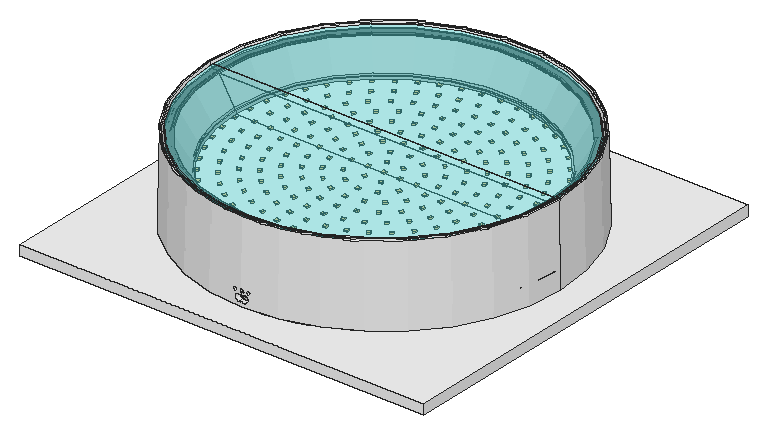
Revit family "BE_24649_de_DE", category Leuchten, Revit 2020 (continued)
Definition of nested family "BE_24649"
  Automatic sketch dimensions
    Extrusion 112 sketch curve to Extrusion 112 sketch curve = 2.8 mm
    Extrusion 112 sketch curve to Extrusion 112 sketch curve = 3.2 mm
    Extrusion 113 sketch curve to Extrusion 113 sketch curve = 2.8 mm
    Extrusion 113 sketch curve to Extrusion 113 sketch curve = 3.2 mm
    Extrusion 114 sketch curve to Extrusion 114 sketch curve = 2.8 mm
    Extrusion 114 sketch curve to Extrusion 114 sketch curve = 3.2 mm
    Extrusion 115 sketch curve to Extrusion 115 sketch curve = 2.8 mm
    Extrusion 115 sketch curve to Extrusion 115 sketch curve = 3.2 mm
    Extrusion 116 sketch curve to Extrusion 116 sketch curve = 2.8 mm
    Extrusion 116 sketch curve to Extrusion 116 sketch curve = 3.2 mm
    Extrusion 117 sketch curve to Extrusion 117 sketch curve = 2.8 mm
    Extrusion 117 sketch curve to Extrusion 117 sketch curve = 3.2 mm
    Extrusion 118 sketch curve to Extrusion 118 sketch curve = 2.8 mm
    Extrusion 118 sketch curve to Extrusion 118 sketch curve = 3.2 mm
    Extrusion 119 sketch curve to Extrusion 119 sketch curve = 2.8 mm
    Extrusion 119 sketch curve to Extrusion 119 sketch curve = 3.2 mm
    Extrusion 120 sketch curve to Extrusion 120 sketch curve = 2.8 mm
    Extrusion 120 sketch curve to Extrusion 120 sketch curve = 3.2 mm
    Extrusion 121 sketch curve to Extrusion 121 sketch curve = 2.8 mm
    Extrusion 121 sketch curve to Extrusion 121 sketch curve = 3.2 mm
    Extrusion 122 sketch curve to Extrusion 122 sketch curve = 2.8 mm
    Extrusion 122 sketch curve to Extrusion 122 sketch curve = 3.2 mm
    Extrusion 123 sketch curve to Extrusion 123 sketch curve = 2.8 mm
    Extrusion 123 sketch curve to Extrusion 123 sketch curve = 3.2 mm
    Extrusion 124 sketch curve to Extrusion 124 sketch curve = 2.8 mm
    Extrusion 124 sketch curve to Extrusion 124 sketch curve = 3.2 mm
    Extrusion 125 sketch curve to Extrusion 125 sketch curve = 2.8 mm
    Extrusion 125 sketch curve to Extrusion 125 sketch curve = 3.2 mm
    Extrusion 126 sketch curve to Extrusion 126 sketch curve = 2.8 mm
    Extrusion 126 sketch curve to Extrusion 126 sketch curve = 3.2 mm
    Extrusion 127 sketch curve to Extrusion 127 sketch curve = 2.8 mm
    Extrusion 127 sketch curve to Extrusion 127 sketch curve = 3.2 mm
    Extrusion 128 sketch curve to Extrusion 128 sketch curve = 2.8 mm
    Extrusion 128 sketch curve to Extrusion 128 sketch curve = 3.2 mm
    Extrusion 129 sketch curve to Extrusion 129 sketch curve = 2.8 mm
    Extrusion 129 sketch curve to Extrusion 129 sketch curve = 3.2 mm
    Extrusion 130 sketch curve to Extrusion 130 sketch curve = 2.8 mm
    Extrusion 130 sketch curve to Extrusion 130 sketch curve = 3.2 mm
    Extrusion 131 sketch curve to Extrusion 131 sketch curve = 2.8 mm
    Extrusion 131 sketch curve to Extrusion 131 sketch curve = 3.2 mm
    Extrusion 132 sketch curve to Extrusion 132 sketch curve = 2.8 mm
    Extrusion 132 sketch curve to Extrusion 132 sketch curve = 3.2 mm
    Extrusion 133 sketch curve to Extrusion 133 sketch curve = 2.8 mm
    Extrusion 133 sketch curve to Extrusion 133 sketch curve = 3.2 mm
    Extrusion 134 sketch curve to Extrusion 134 sketch curve = 2.8 mm
    Extrusion 134 sketch curve to Extrusion 134 sketch curve = 3.2 mm
    Extrusion 135 sketch curve to Extrusion 135 sketch curve = 2.8 mm
    Extrusion 135 sketch curve to Extrusion 135 sketch curve = 3.2 mm
    Extrusion 136 sketch curve to Extrusion 136 sketch curve = 2.8 mm
    Extrusion 136 sketch curve to Extrusion 136 sketch curve = 3.2 mm
    Extrusion 137 sketch curve to Extrusion 137 sketch curve = 2.8 mm
    Extrusion 137 sketch curve to Extrusion 137 sketch curve = 3.2 mm
    Extrusion 138 sketch curve to Extrusion 138 sketch curve = 2.8 mm
    Extrusion 138 sketch curve to Extrusion 138 sketch curve = 3.2 mm
    Extrusion 139 sketch curve to Extrusion 139 sketch curve = 2.8 mm
    Extrusion 139 sketch curve to Extrusion 139 sketch curve = 3.2 mm
    Extrusion 140 sketch curve to Extrusion 140 sketch curve = 2.8 mm
    Extrusion 140 sketch curve to Extrusion 140 sketch curve = 3.2 mm
    Extrusion 141 sketch curve to Extrusion 141 sketch curve = 2.8 mm
    Extrusion 141 sketch curve to Extrusion 141 sketch curve = 3.2 mm
    Extrusion 142 sketch curve to Extrusion 142 sketch curve = 2.8 mm
    Extrusion 142 sketch curve to Extrusion 142 sketch curve = 3.2 mm
    Extrusion 143 sketch curve to Extrusion 143 sketch curve = 2.8 mm
    Extrusion 143 sketch curve to Extrusion 143 sketch curve = 3.2 mm
    Extrusion 144 sketch curve to Extrusion 144 sketch curve = 2.8 mm
    Extrusion 144 sketch curve to Extrusion 144 sketch curve = 3.2 mm
    Extrusion 145 sketch curve to Extrusion 145 sketch curve = 2.8 mm
    Extrusion 145 sketch curve to Extrusion 145 sketch curve = 3.2 mm
    Extrusion 146 sketch curve to Extrusion 146 sketch curve = 2.8 mm
    Extrusion 146 sketch curve to Extrusion 146 sketch curve = 3.2 mm
    Extrusion 147 sketch curve to Extrusion 147 sketch curve = 2.8 mm
    Extrusion 147 sketch curve to Extrusion 147 sketch curve = 3.2 mm
    Extrusion 148 sketch curve to Extrusion 148 sketch curve = 2.8 mm
    Extrusion 148 sketch curve to Extrusion 148 sketch curve = 3.2 mm
    Extrusion 149 sketch curve to Extrusion 149 sketch curve = 2.8 mm
    Extrusion 149 sketch curve to Extrusion 149 sketch curve = 3.2 mm
    Extrusion 150 sketch curve to Extrusion 150 sketch curve = 2.8 mm
    Extrusion 150 sketch curve to Extrusion 150 sketch curve = 3.2 mm
    Extrusion 151 sketch curve to Extrusion 151 sketch curve = 2.8 mm
    Extrusion 151 sketch curve to Extrusion 151 sketch curve = 3.2 mm
    Extrusion 152 sketch curve to Extrusion 152 sketch curve = 2.8 mm
    Extrusion 152 sketch curve to Extrusion 152 sketch curve = 3.2 mm
    Extrusion 153 sketch curve to Extrusion 153 sketch curve = 2.8 mm
    Extrusion 153 sketch curve to Extrusion 153 sketch curve = 3.2 mm
    Extrusion 154 sketch curve to Extrusion 154 sketch curve = 2.8 mm
    Extrusion 154 sketch curve to Extrusion 154 sketch curve = 3.2 mm
    Extrusion 155 sketch curve to Extrusion 155 sketch curve = 2.8 mm
    Extrusion 155 sketch curve to Extrusion 155 sketch curve = 3.2 mm
    Extrusion 156 sketch curve to Extrusion 156 sketch curve = 2.8 mm
    Extrusion 156 sketch curve to Extrusion 156 sketch curve = 3.2 mm
    Extrusion 157 sketch curve to Extrusion 157 sketch curve = 2.8 mm
    Extrusion 157 sketch curve to Extrusion 157 sketch curve = 3.2 mm
    Extrusion 158 sketch curve to Extrusion 158 sketch curve = 2.8 mm
    Extrusion 158 sketch curve to Extrusion 158 sketch curve = 3.2 mm
    Extrusion 159 sketch curve to Extrusion 159 sketch curve = 2.8 mm
    Extrusion 159 sketch curve to Extrusion 159 sketch curve = 3.2 mm
    Extrusion 160 sketch curve to Extrusion 160 sketch curve = 2.8 mm
    Extrusion 160 sketch curve to Extrusion 160 sketch curve = 3.2 mm
    Extrusion 161 sketch curve to Extrusion 161 sketch curve = 2.8 mm
    Extrusion 161 sketch curve to Extrusion 161 sketch curve = 3.2 mm
    Extrusion 162 sketch curve to Extrusion 162 sketch curve = 2.8 mm
    Extrusion 162 sketch curve to Extrusion 162 sketch curve = 3.2 mm
    Extrusion 163 sketch curve to Extrusion 163 sketch curve = 2.8 mm
    Extrusion 163 sketch curve to Extrusion 163 sketch curve = 3.2 mm
    Extrusion 164 sketch curve to Extrusion 164 sketch curve = 2.8 mm
    Extrusion 164 sketch curve to Extrusion 164 sketch curve = 3.2 mm
    Extrusion 165 sketch curve to Extrusion 165 sketch curve = 2.8 mm
    Extrusion 165 sketch curve to Extrusion 165 sketch curve = 3.2 mm
    Extrusion 166 sketch curve to Extrusion 166 sketch curve = 2.8 mm
    Extrusion 166 sketch curve to Extrusion 166 sketch curve = 3.2 mm
    Extrusion 167 sketch curve to Extrusion 167 sketch curve = 2.8 mm
    Extrusion 167 sketch curve to Extrusion 167 sketch curve = 3.2 mm
    Extrusion 168 sketch curve to Extrusion 168 sketch curve = 2.8 mm
    Extrusion 168 sketch curve to Extrusion 168 sketch curve = 3.2 mm
    Extrusion 169 sketch curve to Extrusion 169 sketch curve = 2.8 mm
    Extrusion 169 sketch curve to Extrusion 169 sketch curve = 3.2 mm
    Extrusion 170 sketch curve to Extrusion 170 sketch curve = 2.8 mm
    Extrusion 170 sketch curve to Extrusion 170 sketch curve = 3.2 mm
    Extrusion 171 sketch curve to Extrusion 171 sketch curve = 2.8 mm
    Extrusion 171 sketch curve to Extrusion 171 sketch curve = 3.2 mm
    Extrusion 172 sketch curve to Extrusion 172 sketch curve = 2.8 mm
    Extrusion 172 sketch curve to Extrusion 172 sketch curve = 3.2 mm
    Extrusion 173 sketch curve to Extrusion 173 sketch curve = 2.8 mm
    Extrusion 173 sketch curve to Extrusion 173 sketch curve = 3.2 mm
    Extrusion 174 sketch curve to Extrusion 174 sketch curve = 2.8 mm
    Extrusion 174 sketch curve to Extrusion 174 sketch curve = 3.2 mm
    Extrusion 175 sketch curve to Extrusion 175 sketch curve = 2.8 mm
    Extrusion 175 sketch curve to Extrusion 175 sketch curve = 3.2 mm
    Extrusion 176 sketch curve to Extrusion 176 sketch curve = 2.8 mm
    Extrusion 176 sketch curve to Extrusion 176 sketch curve = 3.2 mm
    Extrusion 177 sketch curve to Extrusion 177 sketch curve = 2.8 mm
    Extrusion 177 sketch curve to Extrusion 177 sketch curve = 3.2 mm
    Extrusion 178 sketch curve to Extrusion 178 sketch curve = 2.8 mm
    Extrusion 178 sketch curve to Extrusion 178 sketch curve = 3.2 mm
    Extrusion 179 sketch curve to Extrusion 179 sketch curve = 2.8 mm
    Extrusion 179 sketch curve to Extrusion 179 sketch curve = 3.2 mm
    Extrusion 180 sketch curve to Extrusion 180 sketch curve = 2.8 mm
    Extrusion 180 sketch curve to Extrusion 180 sketch curve = 3.2 mm
    Extrusion 181 sketch curve to Extrusion 181 sketch curve = 2.8 mm
    Extrusion 181 sketch curve to Extrusion 181 sketch curve = 3.2 mm
    Extrusion 182 sketch curve to Extrusion 182 sketch curve = 2.8 mm
    Extrusion 182 sketch curve to Extrusion 182 sketch curve = 3.2 mm
    Extrusion 183 sketch curve to Extrusion 183 sketch curve = 2.8 mm
    Extrusion 183 sketch curve to Extrusion 183 sketch curve = 3.2 mm
    Extrusion 184 sketch curve to Extrusion 184 sketch curve = 2.8 mm
    Extrusion 184 sketch curve to Extrusion 184 sketch curve = 3.2 mm
    Extrusion 185 sketch curve to Extrusion 185 sketch curve = 2.8 mm
    Extrusion 185 sketch curve to Extrusion 185 sketch curve = 3.2 mm
    Extrusion 186 sketch curve to Extrusion 186 sketch curve = 2.8 mm
    Extrusion 186 sketch curve to Extrusion 186 sketch curve = 3.2 mm
    Extrusion 187 sketch curve to Extrusion 187 sketch curve = 2.8 mm
    Extrusion 187 sketch curve to Extrusion 187 sketch curve = 3.2 mm
    Extrusion 188 sketch curve to Extrusion 188 sketch curve = 2.8 mm
    Extrusion 188 sketch curve to Extrusion 188 sketch curve = 3.2 mm
    Extrusion 189 sketch curve to Extrusion 189 sketch curve = 2.8 mm
    Extrusion 189 sketch curve to Extrusion 189 sketch curve = 3.2 mm
    Extrusion 190 sketch curve to Extrusion 190 sketch curve = 2.8 mm
    Extrusion 190 sketch curve to Extrusion 190 sketch curve = 3.2 mm
    Extrusion 191 sketch curve to Extrusion 191 sketch curve = 2.8 mm
    Extrusion 191 sketch curve to Extrusion 191 sketch curve = 3.2 mm
    Extrusion 192 sketch curve to Extrusion 192 sketch curve = 2.8 mm
    Extrusion 192 sketch curve to Extrusion 192 sketch curve = 3.2 mm
    Extrusion 193 sketch curve to Extrusion 193 sketch curve = 2.8 mm
    Extrusion 193 sketch curve to Extrusion 193 sketch curve = 3.2 mm
    Extrusion 194 sketch curve to Extrusion 194 sketch curve = 2.8 mm
    Extrusion 194 sketch curve to Extrusion 194 sketch curve = 3.2 mm
    Extrusion 195 sketch curve to Extrusion 195 sketch curve = 2.8 mm
    Extrusion 195 sketch curve to Extrusion 195 sketch curve = 3.2 mm
    Extrusion 196 sketch curve to Extrusion 196 sketch curve = 2.8 mm
    Extrusion 196 sketch curve to Extrusion 196 sketch curve = 3.2 mm
    Extrusion 197 sketch curve to Extrusion 197 sketch curve = 2.8 mm
    Extrusion 197 sketch curve to Extrusion 197 sketch curve = 3.2 mm
    Extrusion 198 sketch curve to Extrusion 198 sketch curve = 2.8 mm
    Extrusion 198 sketch curve to Extrusion 198 sketch curve = 3.2 mm
    Extrusion 199 sketch curve to Extrusion 199 sketch curve = 2.8 mm
    Extrusion 199 sketch curve to Extrusion 199 sketch curve = 3.2 mm
    Extrusion 200 sketch curve to Extrusion 200 sketch curve = 2.8 mm
    Extrusion 200 sketch curve to Extrusion 200 sketch curve = 3.2 mm
    Extrusion 201 sketch curve to Extrusion 201 sketch curve = 2.8 mm
    Extrusion 201 sketch curve to Extrusion 201 sketch curve = 3.2 mm
    Extrusion 202 sketch curve to Extrusion 202 sketch curve = 2.8 mm
    Extrusion 202 sketch curve to Extrusion 202 sketch curve = 3.2 mm
    Extrusion 203 sketch curve to Extrusion 203 sketch curve = 2.8 mm
    Extrusion 203 sketch curve to Extrusion 203 sketch curve = 3.2 mm
    Extrusion 204 sketch curve to Extrusion 204 sketch curve = 2.8 mm
    Extrusion 204 sketch curve to Extrusion 204 sketch curve = 3.2 mm
    Extrusion 205 sketch curve to Extrusion 205 sketch curve = 2.8 mm
    Extrusion 205 sketch curve to Extrusion 205 sketch curve = 3.2 mm
    Extrusion 206 sketch curve to Extrusion 206 sketch curve = 2.8 mm
    Extrusion 206 sketch curve to Extrusion 206 sketch curve = 3.2 mm
    Extrusion 207 sketch curve to Extrusion 207 sketch curve = 2.8 mm
    Extrusion 207 sketch curve to Extrusion 207 sketch curve = 3.2 mm
    Extrusion 208 sketch curve to Extrusion 208 sketch curve = 2.8 mm
    Extrusion 208 sketch curve to Extrusion 208 sketch curve = 3.2 mm
    Extrusion 209 sketch curve to Extrusion 209 sketch curve = 2.8 mm
    Extrusion 209 sketch curve to Extrusion 209 sketch curve = 3.2 mm
    Extrusion 210 sketch curve to Extrusion 210 sketch curve = 2.8 mm
    Extrusion 210 sketch curve to Extrusion 210 sketch curve = 3.2 mm
    Extrusion 211 sketch curve to Extrusion 211 sketch curve = 2.8 mm
    Extrusion 211 sketch curve to Extrusion 211 sketch curve = 3.2 mm
    Extrusion 212 sketch curve to Extrusion 212 sketch curve = 2.8 mm
    Extrusion 212 sketch curve to Extrusion 212 sketch curve = 3.2 mm
    Extrusion 213 sketch curve to Extrusion 213 sketch curve = 2.8 mm
    Extrusion 213 sketch curve to Extrusion 213 sketch curve = 3.2 mm
    Extrusion 214 sketch curve to Extrusion 214 sketch curve = 2.8 mm
    Extrusion 214 sketch curve to Extrusion 214 sketch curve = 3.2 mm
    Extrusion 215 sketch curve to Extrusion 215 sketch curve = 2.8 mm
    Extrusion 215 sketch curve to Extrusion 215 sketch curve = 3.2 mm
    Extrusion 216 sketch curve to Extrusion 216 sketch curve = 2.8 mm
    Extrusion 216 sketch curve to Extrusion 216 sketch curve = 3.2 mm
    Extrusion 217 sketch curve to Extrusion 217 sketch curve = 2.8 mm
    Extrusion 217 sketch curve to Extrusion 217 sketch curve = 3.2 mm
    Extrusion 218 sketch curve to Extrusion 218 sketch curve = 2.8 mm
    Extrusion 218 sketch curve to Extrusion 218 sketch curve = 3.2 mm
    Extrusion 219 sketch curve to Extrusion 219 sketch curve = 2.8 mm
    Extrusion 219 sketch curve to Extrusion 219 sketch curve = 3.2 mm
    Extrusion 220 sketch curve to Extrusion 220 sketch curve = 2.8 mm
    Extrusion 220 sketch curve to Extrusion 220 sketch curve = 3.2 mm
    Extrusion 221 sketch curve to Extrusion 221 sketch curve = 2.8 mm
    Extrusion 221 sketch curve to Extrusion 221 sketch curve = 3.2 mm
    Extrusion 222 sketch curve to Extrusion 222 sketch curve = 2.8 mm
    Extrusion 222 sketch curve to Extrusion 222 sketch curve = 3.2 mm
    Extrusion 223 sketch curve to Extrusion 223 sketch curve = 2.8 mm
    Extrusion 223 sketch curve to Extrusion 223 sketch curve = 3.2 mm
    Extrusion 224 sketch curve to Extrusion 224 sketch curve = 2.8 mm
    Extrusion 224 sketch curve to Extrusion 224 sketch curve = 3.2 mm
    Extrusion 225 sketch curve to Extrusion 225 sketch curve = 2.8 mm
    Extrusion 225 sketch curve to Extrusion 225 sketch curve = 3.2 mm
    Extrusion 226 sketch curve to Extrusion 226 sketch curve = 2.8 mm
    Extrusion 226 sketch curve to Extrusion 226 sketch curve = 3.2 mm
    Extrusion 227 sketch curve to Extrusion 227 sketch curve = 2.8 mm
    Extrusion 227 sketch curve to Extrusion 227 sketch curve = 3.2 mm
    Extrusion 228 sketch curve to Extrusion 228 sketch curve = 2.8 mm
    Extrusion 228 sketch curve to Extrusion 228 sketch curve = 3.2 mm
    Extrusion 229 sketch curve to Extrusion 229 sketch curve = 2.8 mm
    Extrusion 229 sketch curve to Extrusion 229 sketch curve = 3.2 mm
    Extrusion 230 sketch curve to Extrusion 230 sketch curve = 2.8 mm
    Extrusion 230 sketch curve to Extrusion 230 sketch curve = 3.2 mm
    Extrusion 231 sketch curve to Extrusion 231 sketch curve = 2.8 mm
    Extrusion 231 sketch curve to Extrusion 231 sketch curve = 3.2 mm
    Extrusion 232 sketch curve to Extrusion 232 sketch curve = 2.8 mm
    Extrusion 232 sketch curve to Extrusion 232 sketch curve = 3.2 mm
    Extrusion 233 sketch curve to Extrusion 233 sketch curve = 2.8 mm
    Extrusion 233 sketch curve to Extrusion 233 sketch curve = 3.2 mm
    Extrusion 234 sketch curve to Extrusion 234 sketch curve = 2.8 mm
    Extrusion 234 sketch curve to Extrusion 234 sketch curve = 3.2 mm
    Extrusion 235 sketch curve to Extrusion 235 sketch curve = 2.8 mm
    Extrusion 235 sketch curve to Extrusion 235 sketch curve = 3.2 mm
    Extrusion 236 sketch curve to Extrusion 236 sketch curve = 2.8 mm
    Extrusion 236 sketch curve to Extrusion 236 sketch curve = 3.2 mm
    Extrusion 237 sketch curve to Extrusion 237 sketch curve = 2.8 mm
    Extrusion 237 sketch curve to Extrusion 237 sketch curve = 3.2 mm
    Extrusion 238 sketch curve to Extrusion 238 sketch curve = 2.8 mm
    Extrusion 238 sketch curve to Extrusion 238 sketch curve = 3.2 mm
    Extrusion 239 sketch curve to Extrusion 239 sketch curve = 2.8 mm
    Extrusion 239 sketch curve to Extrusion 239 sketch curve = 3.2 mm
    Extrusion 240 sketch curve to Extrusion 240 sketch curve = 2.8 mm
    Extrusion 240 sketch curve to Extrusion 240 sketch curve = 3.2 mm
    Extrusion 241 sketch curve to Extrusion 241 sketch curve = 2.8 mm
    Extrusion 241 sketch curve to Extrusion 241 sketch curve = 3.2 mm
    Extrusion 242 sketch curve to Extrusion 242 sketch curve = 2.8 mm
    Extrusion 242 sketch curve to Extrusion 242 sketch curve = 3.2 mm
    Extrusion 243 sketch curve to Extrusion 243 sketch curve = 2.8 mm
    Extrusion 243 sketch curve to Extrusion 243 sketch curve = 3.2 mm
    Extrusion 244 sketch curve to Extrusion 244 sketch curve = 2.8 mm
    Extrusion 244 sketch curve to Extrusion 244 sketch curve = 3.2 mm
    Extrusion 245 sketch curve to Extrusion 245 sketch curve = 2.8 mm
    Extrusion 245 sketch curve to Extrusion 245 sketch curve = 3.2 mm
    Extrusion 246 sketch curve to Extrusion 246 sketch curve = 2.8 mm
    Extrusion 246 sketch curve to Extrusion 246 sketch curve = 3.2 mm
    Extrusion 247 sketch curve to Extrusion 247 sketch curve = 2.8 mm
    Extrusion 247 sketch curve to Extrusion 247 sketch curve = 3.2 mm
    Extrusion 248 sketch curve to Extrusion 248 sketch curve = 2.8 mm
    Extrusion 248 sketch curve to Extrusion 248 sketch curve = 3.2 mm
    Extrusion 249 sketch curve to Extrusion 249 sketch curve = 2.8 mm
    Extrusion 249 sketch curve to Extrusion 249 sketch curve = 3.2 mm
    Extrusion 250 sketch curve to Extrusion 250 sketch curve = 2.8 mm
    Extrusion 250 sketch curve to Extrusion 250 sketch curve = 3.2 mm
    Extrusion 251 sketch curve to Extrusion 251 sketch curve = 2.8 mm
    Extrusion 251 sketch curve to Extrusion 251 sketch curve = 3.2 mm
    Extrusion 252 sketch curve to Extrusion 252 sketch curve = 2.8 mm
    Extrusion 252 sketch curve to Extrusion 252 sketch curve = 3.2 mm
    Extrusion 253 sketch curve to Extrusion 253 sketch curve = 2.8 mm
    Extrusion 253 sketch curve to Extrusion 253 sketch curve = 3.2 mm
    Extrusion 254 sketch curve to Extrusion 254 sketch curve = 2.8 mm
    Extrusion 254 sketch curve to Extrusion 254 sketch curve = 3.2 mm
    Extrusion 255 sketch curve to Extrusion 255 sketch curve = 2.8 mm
    Extrusion 255 sketch curve to Extrusion 255 sketch curve = 3.2 mm
    Extrusion 256 sketch curve to Extrusion 256 sketch curve = 2.8 mm
    Extrusion 256 sketch curve to Extrusion 256 sketch curve = 3.2 mm
    Extrusion 257 sketch curve to Extrusion 257 sketch curve = 2.8 mm
    Extrusion 257 sketch curve to Extrusion 257 sketch curve = 3.2 mm
    Extrusion 258 sketch curve to Extrusion 258 sketch curve = 2.8 mm
    Extrusion 258 sketch curve to Extrusion 258 sketch curve = 3.2 mm
    Extrusion 259 sketch curve to Extrusion 259 sketch curve = 2.8 mm
    Extrusion 259 sketch curve to Extrusion 259 sketch curve = 3.2 mm
    Extrusion 260 sketch curve to Extrusion 260 sketch curve = 2.8 mm
    Extrusion 260 sketch curve to Extrusion 260 sketch curve = 3.2 mm
    Extrusion 261 sketch curve to Extrusion 261 sketch curve = 2.8 mm
    Extrusion 261 sketch curve to Extrusion 261 sketch curve = 3.2 mm
    Extrusion 262 sketch curve to Extrusion 262 sketch curve = 2.8 mm
    Extrusion 262 sketch curve to Extrusion 262 sketch curve = 3.2 mm
    Extrusion 263 sketch curve to Extrusion 263 sketch curve = 2.8 mm
    Extrusion 263 sketch curve to Extrusion 263 sketch curve = 3.2 mm
    Extrusion 264 sketch curve to Extrusion 264 sketch curve = 2.8 mm
    Extrusion 264 sketch curve to Extrusion 264 sketch curve = 3.2 mm
    Extrusion 265 sketch curve to Extrusion 265 sketch curve = 2.8 mm
    Extrusion 265 sketch curve to Extrusion 265 sketch curve = 3.2 mm
    plane 3 "Mitte (Links/Rechts)" to Revolve 266 sketch curve = 0 mm
    level to Revolve 266 sketch curve = 76.914 mm
    Revolve 266 sketch curve to plane 3 "Mitte (Links/Rechts)" = 165.2 mm
    Revolve 266 sketch curve to Revolve 266 sketch curve = 0.059 mm
    Revolve 266 sketch curve to Revolve 266 sketch curve = 3.3 mm
    level to Revolve 266 sketch curve = 22.614 mm
    Revolve 266 sketch curve to Revolve 266 sketch curve = 0.25 mm
    Revolve 266 sketch curve to Revolve 266 sketch curve = 0.5 mm
    level to Revolve 266 sketch curve = 19.114 mm
    Revolve 266 sketch curve to Revolve 266 sketch curve = 1.25 mm
    level to Revolve 266 sketch curve = 78.614 mm
    Revolve 266 sketch curve to Revolve 266 sketch curve = 2 mm
    level to Revolve 266 sketch curve = 79.72 mm
    Revolve 266 sketch curve to Revolve 266 sketch curve = 0.039 mm
    level to Revolve 266 sketch curve = 4.627 mm
    Revolve 266 sketch curve to Revolve 266 sketch curve = 0.506 mm
    Revolve 266 sketch curve to Revolve 266 sketch curve = 0.531 mm
    level to Revolve 266 sketch curve = 83.683 mm
    Revolve 266 sketch curve to Revolve 266 sketch curve = 1.443 mm
    Revolve 266 sketch curve to Revolve 266 sketch curve = 0.615 mm
    Revolve 266 sketch curve to Revolve 266 sketch curve = 0.9 mm
    level to Revolve 266 sketch curve = 83.61 mm
    Revolve 266 sketch curve to Revolve 266 sketch curve = 0.513 mm  (x2)
    Revolve 266 sketch curve to Revolve 266 sketch curve = 3.859 mm
    Revolve 266 sketch curve to Revolve 266 sketch curve = 1.5 mm
    Revolve 266 sketch curve to Revolve 266 sketch curve = 8.197 mm
    Revolve 266 sketch curve to Revolve 266 sketch curve = 0.224 mm
    Revolve 266 sketch curve to level = 413.745 mm
    Revolve 266 sketch curve to Revolve 266 sketch curve = 700.754 mm
    Revolve 267 sketch curve to plane 3 "Mitte (Links/Rechts)" = 0 mm  (x2)
    level to Revolve 267 sketch curve = 9 mm
    Revolve 267 sketch curve to plane 3 "Mitte (Links/Rechts)" = 160.237 mm
    level to Revolve 267 sketch curve = 8.964 mm
    Revolve 267 sketch curve to Revolve 267 sketch curve = 0.999 mm  (x6)
    level to Revolve 267 sketch curve = 17.289 mm
    Revolve 267 sketch curve to Revolve 267 sketch curve = 0.291 mm
    Revolve 267 sketch curve to Revolve 267 sketch curve = 0.025 mm
    level to Revolve 267 sketch curve = 18.963 mm
    level to Revolve 267 sketch curve = 23.034 mm
    Revolve 267 sketch curve to Revolve 267 sketch curve = 0.142 mm
    level to Revolve 267 sketch curve = 4 mm
    Revolve 267 sketch curve to Revolve 267 sketch curve = 4.244 mm
    Revolve 267 sketch curve to Revolve 267 sketch curve = 2.115 mm
    level to Revolve 267 sketch curve = 4.036 mm
    level to Revolve 267 sketch curve = 1.963 mm
    Revolve 267 sketch curve to Revolve 267 sketch curve = 0.072 mm
    Revolve 267 sketch curve to Revolve 267 sketch curve = 4.574 mm
    level to Revolve 267 sketch curve = 1 mm
    level to Revolve 267 sketch curve = 17 mm
    Revolve 267 sketch curve to Revolve 267 sketch curve = 1.929 mm
    Revolve 267 sketch curve to Revolve 267 sketch curve = 2.036 mm
    Revolve 267 sketch curve to Revolve 267 sketch curve = 0.036 mm
    Revolve 267 sketch curve to Revolve 267 sketch curve = 0.037 mm
    Revolve 267 sketch curve to Revolve 267 sketch curve = 2.75 mm
    Revolve 267 sketch curve to Revolve 267 sketch curve = 0.034 mm
    Revolve 267 sketch curve to Revolve 267 sketch curve = 1 mm
    Revolve 267 sketch curve to Revolve 267 sketch curve = 0.512 mm
    Revolve 267 sketch curve to Revolve 267 sketch curve = 0 mm
    Revolve 267 sketch curve to level = 413.745 mm
    Revolve 267 sketch curve to Revolve 267 sketch curve = 776.868 mm
    plane 1 "Mitte (Oben/Unten)" to Extrusion 268 sketch curve = 0 mm  (x2)
    Extrusion 268 sketch curve to plane 3 "Mitte (Links/Rechts)" = 155 mm
    plane 3 "Mitte (Links/Rechts)" to Extrusion 268 sketch curve = 155 mm
    radius of Extrusion 14 sketch curve = 3.25 mm
    radius of Extrusion 15 sketch curve = 3 mm
    radius of Extrusion 268 sketch curve = 7.009 mm  (x2)
Types (4, lengths in mm): name | built-in parameter 1150104 | built-in parameter 1150134 | Modell | M_W | M_G | built-in parameter 1150105 | Lumens | Leuchtenlichtstrom | Lampenlichtstrom | Farbtemperatur | Datei für fotometrisches Netz | Bestellnummer | built-in parameter 1150106 | built-in parameter 1150107
  BEGA_24649_Weiß_K3 | 16.449 (stored number, unit not read) | (empty or 0) | "24649WK3" | yes | no | 531.19 (stored number, unit not read) | 6675.16 lm | "5440 lm" | "6675 lm" | "3000 K" | "BE_24649K3.IES" | "24649WK3" | 5.3119 (stored number, unit not read) | 3000 (stored number, unit not read)
  BEGA_24649_Grafit_K4 | 17.299 (stored number, unit not read) | 12 | "24649K4" | no | yes | 558.64 (stored number, unit not read) | 7020.12 lm | "5721 lm" | "7020 lm" | "4000 K" | "BE_24649K4.IES" | "24649K4" | 5.5864 (stored number, unit not read) | 4000 (stored number, unit not read)
  BEGA_24649_Grafit_K3 | 16.449 (stored number, unit not read) | (empty or 0) | "24649K3" | no | yes | 531.19 (stored number, unit not read) | 6675.16 lm | "5440 lm" | "6675 lm" | "3000 K" | "BE_24649K3.IES" | "24649K3" | 5.3119 (stored number, unit not read) | 3000 (stored number, unit not read)
  BEGA_24649_Weiß_K4 | 17.299 (stored number, unit not read) | 12 | "24649WK4" | yes | no | 558.64 (stored number, unit not read) | 7020.12 lm | "5721 lm" | "7020 lm" | "4000 K" | "BE_24649K4.IES" | "24649WK4" | 5.5864 (stored number, unit not read) | 4000 (stored number, unit not read)
